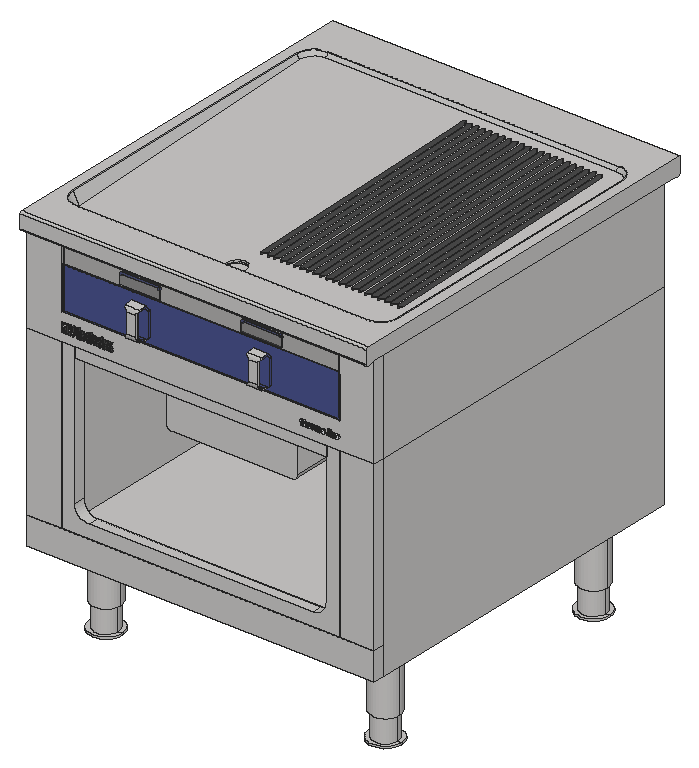
Revit family "QF_ELECTROLUXPROFESSIONAL_589840_MCH2EAH1DM", category Attrezzature speciali, Revit 2021 (continued)
Definition of nested family "Rib_D12"
  Dimensions and locks
    aligned and locked: plane 2 to Extrusion 1
    aligned and locked: level to Extrusion 1
    aligned and locked: plane 4 "Back" to Extrusion 2
    aligned and locked: Extrusion 2 to plane 5 "Front"
  Automatic sketch dimensions
    curve 3 to level = 0 mm
    curve 1 to level = 0 mm
    level to curve 3 = 4 mm
    curve 3 to plane 3 "Center (Left/Right)" = 64.765 mm
    level to curve 6 = 8 mm
    curve 2 to curve 6 = 24.765 mm
    plane 3 "Center (Left/Right)" to curve 5 = 40 mm
    curve 5 to curve 1 = 24.247 mm
    Extrusion 1 sketch curve to Extrusion 1 sketch curve = 364.491 mm
    Extrusion 1 sketch curve to Extrusion 1 sketch curve = 1012.755 mm
    Extrusion 3 sketch curve to plane 3 "Center (Left/Right)" = 0 mm  (x2)
    Extrusion 3 sketch curve to plane 3 "Center (Left/Right)" = 2.484 mm  (x2)
    Extrusion 3 sketch curve to plane 3 "Center (Left/Right)" = 6 mm
    Extrusion 3 sketch curve to Extrusion 3 sketch curve = 3.516 mm  (x2)
    plane 3 "Center (Left/Right)" to Extrusion 3 sketch curve = 2.484 mm  (x2)
    plane 3 "Center (Left/Right)" to Extrusion 3 sketch curve = 6 mm
    plane 5 "Front" to Extrusion 3 sketch curve = 0 mm
    Extrusion 3 sketch curve to Extrusion 3 sketch curve = 1.91 mm  (x2)
    Extrusion 3 sketch curve to Extrusion 3 sketch curve = 1.434 mm  (x2)
    Extrusion 3 sketch curve to Extrusion 3 sketch curve = 6.09 mm  (x2)
    Extrusion 3 sketch curve to plane 4 "Back" = 8 mm
    Extrusion 3 sketch curve to Extrusion 3 sketch curve = 0 mm
    Extrusion 3 sketch curve to Extrusion 3 sketch curve = 4.656 mm
    curve 9 to plane 3 "Center (Left/Right)" = 6 mm
    curve 8 to plane 4 "Back" = 8 mm
    curve 9 to plane 3 "Center (Left/Right)" = 2.484 mm
    plane 3 "Center (Left/Right)" to curve 7 = 6 mm
    plane 5 "Front" to curve 8 = 8 mm
    plane 5 "Front" to curve 7 = 8 mm
    curve 7 to plane 4 "Back" = 8 mm
    curve 9 to plane 4 "Back" = 1.91 mm
    plane 3 "Center (Left/Right)" to curve 10 = 2.484 mm
    curve 10 to plane 4 "Back" = 1.91 mm
    curve 11 to curve 9 = 1.434 mm
    curve 12 to plane 3 "Center (Left/Right)" = 2.484 mm
    plane 5 "Front" to curve 12 = 1.91 mm
    curve 13 to plane 3 "Center (Left/Right)" = 0 mm
    curve 13 to curve 13 = 1.434 mm
    plane 5 "Front" to curve 13 = 1.91 mm
    Extrusion 2 sketch curve to plane 3 "Center (Left/Right)" = 0 mm
    Extrusion 2 sketch curve to plane 3 "Center (Left/Right)" = 6 mm
    Extrusion 2 sketch curve to level = 9.738 mm
    Extrusion 2 sketch curve to Extrusion 2 sketch curve = 9.738 mm
Definition of nested family "QF_ELECTROLUXPROFESSIONAL_589840_BASE"
  Parameters
    Weight in Pounds = 143.3
    URL Cutsheet = ""
    Type Mark [instance] = ""
    Specification by User [instance] = ""
    Specification by Manufacturer = ""
    Serial Number = ""
    Seismic Rating = ""
    SMACNA No = ""
    Revision Code [instance] = ""
    Default Elevation = 0 mm
    Omniclass Number and Title = ""
    NAFEM Spec ID Number = ""
    Model = "588643"
    Masterspec = ""
    Manufacturer = "Electrolux Professional"
    Item Number [instance] = ""
    Installed By [instance] = ""
    Identify Quantity as Lot [instance] = yes
    Furnished By [instance] = ""
    Foodservice Equipment Identifier [instance] = yes
    Description = ""
    CSI MasterFormat = ""
    CSI Master Format = ""
  Reference planes
    plane 1 "BACK": y = 0
    plane 2: z = 0
    plane 3 "LEFT": x = 0
    plane 4 "RIGHT": x = 800
    plane 5 "FRONT": y = -900
    plane 6 "PLAIN": z = 900
    plane 7 "Center (Left/Right)": x = 400
    plane 8 "Center (Front/Back)": y = -450
    plane 9 "TOP": z = 650
    plane 10 "BASE": z = 200
    plane 11: x = 722
    plane 12: x = 78
    plane 13 "Feet_back": y = -150
    plane 14 "Feet_Front": y = -770
    plane 15: x = 80
    plane 16: x = 720
    plane 17: z = 265
    plane 18: y = -45
    plane 19: y = -855
    plane 20: y = -70
    plane 21: y = -880
    plane 22 "ButtonZ": z = 590
  Forms (mm)
    Extrusion 1, solid
      sketch origin (0, 0, 650) x (0, 1, 0) y (0, 0, 1)
        loop
          line (-45, -450) -> (-45, 0) -> (-855, 0) -> (-855, -450) -> (-45, -450)
      from 0 to 800
    Extrusion 2, solid
      sketch origin (0, 0, 650) x (0, 1, 0) y (0, 0, 1)
        loop
          line (-880, -450) -> (-855, -450) -> (-855, -385) -> (-880, -385) -> (-880, -450)
      from 0 to 800
    Extrusion 3, void
      sketch origin (0, -900, 0) x (1, 0, 0) y (0, 0, 1)
        loop
          line (80, 650) -> (80, 265) -> (720, 265) -> (720, 650) -> (80, 650)
      from 0 to -830
    Extrusion 4, solid
      sketch origin (0, -900, 0) x (1, 0, 0) y (0, 0, 1)
        loop
          line (110, 650) -> (110, 627) -> (690, 627) -> (690, 650) -> (110, 650)
      from -20 to -855
    Extrusion 5, solid
      sketch origin (0, -900, 0) x (1, 0, 0) y (0, 0, 1)
        loop
          line (80, 650) -> (80, 265) -> (720, 265) -> (720, 650) -> (690, 650) -> (690, 295) -> (110, 295) -> (110, 650) -> (80, 650)
      from -45 to -830
    Extrusion 6, solid
      sketch origin (0, -900, 0) x (1, 0, 0) y (0, 0, 1)
        loop
          line (0, 650) -> (0, 265) -> (80, 265) -> (80, 650) -> (0, 650)
      from -20 to -45
    Extrusion 7, solid
      sketch origin (0, -900, 0) x (1, 0, 0) y (0, 0, 1)
        loop
          line (720, 650) -> (720, 265) -> (800, 265) -> (800, 650) -> (720, 650)
      from -20 to -45
    Extrusion 8, solid
      sketch origin (85, -900, 0) x (1, 0, 0) y (0, 0, 1)
        loop
          line (25, 327) -> (25, 650) -> (-5, 650) -> (-5, 265) -> (635, 265) -> (635, 650) -> (605, 650) -> (605, 327)
          arc (605, 327) -> (595.627, 304.373) -> (573, 295) r 32
          line (573, 295) -> (57, 295)
          arc (57, 295) -> (34.373, 304.373) -> (25, 327) r 32
      from -20 to -45
  Cuts and joins
    Extrusion 3 cuts Extrusion 1
    joined: Extrusion 1, Extrusion 4, Extrusion 5
  Lines and regions (mm)
    symbolic lines
      curve 1: line (0, 0, 0) -> (800, 0, 0)
      curve 2: line (0, -900, 0) -> (0, 0, 0)
      curve 3: line (800, -900, 0) -> (0, -900, 0)
      curve 4: line (800, 0, 0) -> (800, -900, 0)
  Dimensions and locks
    plane 3 "LEFT" to plane 4 "RIGHT" = 800 mm
    plane 5 "FRONT" to plane 1 "BACK" = 900 mm
    equal spacing: plane 3 "LEFT", plane 7 "Center (Left/Right)", plane 4 "RIGHT"
    equal spacing: plane 5 "FRONT", plane 8 "Center (Front/Back)", plane 1 "BACK"
    plane 6 "PLAIN" to plane 9 "TOP" = 250 mm
    plane 10 "BASE" to level = 200 mm
    plane 9 "TOP" to plane 10 "BASE" = 450 mm
    locked: plane 1 "BACK" to plane 13 "Feet_back" at 150
    locked: plane 14 "Feet_Front" to plane 5 "FRONT" at 130
    locked: plane 12 to plane 3 "LEFT" at 78
    locked: plane 11 to plane 4 "RIGHT" at 78
    plane 16 to plane 15 = 640 mm
    equal spacing: plane 16, plane 7 "Center (Left/Right)", plane 15
    locked: plane 17 to plane 10 "BASE" at 65
    locked: plane 1 "BACK" to plane 18 at 45
    plane 9 "TOP" to Extrusion 4 sketch curve = 23 mm
    locked: Extrusion 4 sketch curve to plane 15 at 30
    locked: plane 16 to Extrusion 4 sketch curve at 30
    locked: Extrusion 5 sketch curve to plane 17 at 30
    plane 6 "PLAIN" to level = 900 mm
    Extrusion 5 to Extrusion 5 = 580 mm
    locked: plane 18 to plane 20 at 25
    locked: plane 21 to plane 5 "FRONT" at 20
    locked: plane 19 to plane 21 at 25
    plane 18 to plane 21 = 835 mm
    plane 22 "ButtonZ" to level = 590 mm
    aligned and locked: level to plane 2
    aligned and locked: Extrusion 1 to plane 4 "RIGHT"
    aligned and locked: Extrusion 1 to plane 3 "LEFT"
    aligned and locked: Extrusion 2 to plane 4 "RIGHT"
    aligned and locked: plane 9 "TOP" to Extrusion 3 sketch curve
    aligned and locked: Extrusion 3 sketch curve to plane 15
    aligned and locked: plane 16 to Extrusion 3 sketch curve
    aligned and locked: Extrusion 2 to plane 10 "BASE"
    aligned and locked: Extrusion 2 to plane 17
    aligned and locked: plane 17 to Extrusion 3 sketch curve
    aligned and locked: Extrusion 4 to plane 18
    aligned and locked: Extrusion 5 sketch curve to plane 15
    aligned and locked: plane 16 to Extrusion 5 sketch curve
    aligned and locked: plane 9 "TOP" to Extrusion 5 sketch curve  (x2)
    aligned and locked: plane 17 to Extrusion 5 sketch curve
    aligned and locked: Extrusion 5 sketch curve to Extrusion 4  (x2)
    aligned and locked: Extrusion 6 sketch curve to plane 9 "TOP"
    aligned and locked: plane 3 "LEFT" to Extrusion 6 sketch curve
    aligned and locked: Extrusion 6 sketch curve to plane 17
    aligned and locked: Extrusion 6 sketch curve to plane 15
    aligned and locked: Extrusion 7 sketch curve to plane 9 "TOP"
    aligned and locked: plane 16 to Extrusion 7 sketch curve
    aligned and locked: Extrusion 7 sketch curve to plane 17
    aligned and locked: plane 4 "RIGHT" to Extrusion 7 sketch curve
    aligned and locked: Extrusion 5 to plane 20
    aligned and locked: cut or joined group of Extrusion 1, Extrusion 3, Extrusion 4, Extrusion 5 to plane 20
    aligned and locked: cut or joined group of Extrusion 1, Extrusion 3, Extrusion 4, Extrusion 5 to plane 18
    aligned and locked: Extrusion 6 to plane 19
    aligned and locked: plane 21 to Extrusion 6
    aligned and locked: plane 21 to Extrusion 7
    aligned and locked: Extrusion 7 to plane 19
    aligned and locked: Extrusion 2 to plane 19
    aligned and locked: plane 21 to Extrusion 2
    aligned and locked: plane 19 to cut or joined group of Extrusion 1, Extrusion 3, Extrusion 4, Extrusion 5
    aligned and locked: plane 21 to cut or joined group of Extrusion 1, Extrusion 3, Extrusion 4, Extrusion 5
  Automatic sketch dimensions
    curve 3 to plane 3 "LEFT" = 0 mm
    curve 3 to plane 4 "RIGHT" = 0 mm
    plane 5 "FRONT" to curve 3 = 0 mm
    plane 1 "BACK" to curve 2 = 0 mm
    Extrusion 1 sketch curve to plane 10 "BASE" = 0 mm
    plane 19 to Extrusion 1 sketch curve = 0 mm
    Extrusion 1 sketch curve to plane 18 = 0 mm
    Extrusion 1 sketch curve to plane 9 "TOP" = 0 mm
    plane 17 to Extrusion 2 sketch curve = 0 mm
    Extrusion 2 sketch curve to plane 21 = 0 mm
    Extrusion 2 sketch curve to plane 10 "BASE" = 0 mm
    Extrusion 2 sketch curve to plane 19 = 0 mm
    Extrusion 4 sketch curve to plane 9 "TOP" = 0 mm
    Extrusion 8 sketch curve to plane 15 = 0 mm
    Extrusion 8 sketch curve to plane 9 "TOP" = 0 mm  (x2)
    Extrusion 8 sketch curve to plane 16 = 0 mm
    Extrusion 8 sketch curve to plane 17 = 0 mm
    plane 15 to Extrusion 8 sketch curve = 30 mm
    Extrusion 8 sketch curve to Extrusion 8 sketch curve = 32 mm
    Extrusion 8 sketch curve to plane 16 = 62 mm
    Extrusion 8 sketch curve to Extrusion 8 sketch curve = 30 mm
    Extrusion 8 sketch curve to plane 17 = 30 mm
Definition of nested family "FEET200_MARINE"
  Parameters (values of type "FEET200_MARINE")
    Default Elevation = 0 mm
    FEET = 200 mm
  Reference planes
    plane 1 "Center (Front/Back)": y = 0
    plane 2: z = 0
    plane 3 "Center (Left/Right)": x = 0
    plane 4: z = 200
  Forms (mm)
    Revolve 1, solid
      sketch origin (0, 0, 0) x (1, 0, 0) y (0, 0, 1)
        loop
          line (0, 200) -> (-38, 200) -> (-38, 196) -> (-33, 196) -> (-33, 59) -> (-28, 59) -> (-28, 4) -> (-38, 4) -> (-38, 0) -> (0, 0) -> (0, 200)
        axis (0, 0) -> (0, 200)
      angle from 0 to 360
  Lines and regions (mm)
    symbolic lines
      curve 1: line (0, -1.503, 0) -> (0, 1.508, 0)
      curve 2: line (1.561, 0, 0) -> (-1.439, 0, 0)
  Dimensions and locks
    "FEET": plane 4 to plane 2
    aligned and locked: level to plane 2
  Automatic sketch dimensions
    plane 1 "Center (Front/Back)" to curve 2 = 0 mm
    curve 1 to plane 3 "Center (Left/Right)" = 0 mm
    curve 2 to plane 3 "Center (Left/Right)" = 1.439 mm
    plane 3 "Center (Left/Right)" to curve 2 = 1.561 mm
    plane 1 "Center (Front/Back)" to curve 1 = 1.503 mm
    curve 1 to plane 1 "Center (Front/Back)" = 1.508 mm
    Revolve 1 sketch curve to plane 4 = 0 mm
    Revolve 1 sketch curve to level = 0 mm  (x2)
    Revolve 1 sketch curve to plane 3 "Center (Left/Right)" = 0 mm  (x2)
    Revolve 1 sketch curve to plane 3 "Center (Left/Right)" = 28 mm
    Revolve 1 sketch curve to Revolve 1 sketch curve = 5 mm  (x2)
    level to Revolve 1 sketch curve = 4 mm
    Revolve 1 sketch curve to Revolve 1 sketch curve = 10 mm
    Revolve 1 sketch curve to Revolve 1 sketch curve = 55 mm
    plane 4 to Revolve 1 sketch curve = 40 mm
    Revolve 1 sketch curve to plane 4 = 4 mm
